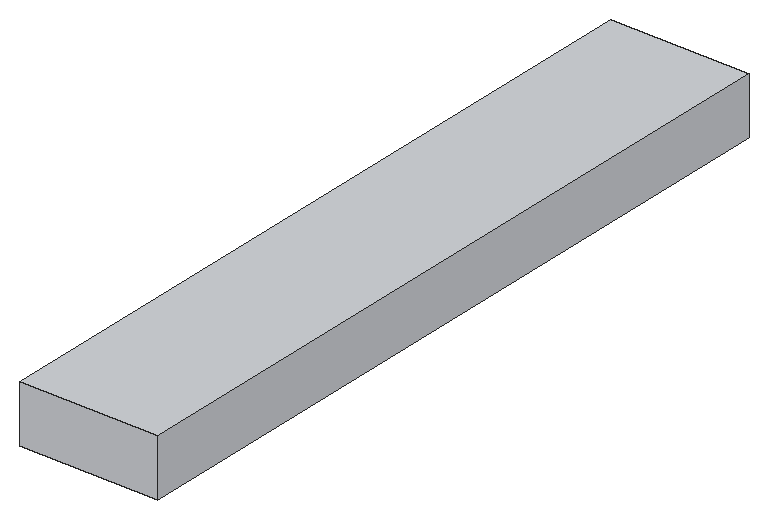
Revit family "AP - Cugino2", category Generic Models, Revit 2017
Family settings
  Can host rebar = No
  Round Connector Dimension = Use Diameter
  Part Type = Normal
  Work Plane-Based = No
  Always vertical = Yes
  Cut with Voids When Loaded = No
  Shared = No
  Room Calculation Point = No
Parameters
  Spessore_C_2 [instance] = 542.668 mm
  Larghezza_C2 [instance] = 1298.278 mm
Reference planes
  plane 1 "Center (Front/Back)": y = 0
  plane 2: z = 0
  plane 3 "Center (Left/Right)": x = 0
  plane 4: y = 7000
  plane 5: x = -1298.278
  plane 6: z = 542.668
Forms (mm)
  Extrusion 1, solid
    sketch origin (0, 0, 0) x (1, 0, 0) y (0, 1, 0)
      loop
        line (-1298.278, 7000) -> (-1298.278, 0) -> (0, 0) -> (0, 7000) -> (-1298.278, 7000)
    from 0 to 542.668
Dimensions and locks
  "Larghezza_C2": plane 5 to plane 3 "Center (Left/Right)"
  plane 4 to plane 1 "Center (Front/Back)" = 7000 mm
  "Spessore_C_2": plane 6 to plane 2
  aligned and locked: level to plane 2
  aligned and locked: plane 3 "Center (Left/Right)" to Extrusion 1
  aligned and locked: Extrusion 1 to plane 5
  aligned and locked: plane 4 to Extrusion 1
  aligned and locked: plane 1 "Center (Front/Back)" to Extrusion 1
  aligned and locked: plane 6 to Extrusion 1
Automatic sketch dimensions
  plane 1 "Center (Front/Back)" to Extrusion 1 sketch curve = 0 mm
  Extrusion 1 sketch curve to plane 5 = 0 mm
  Extrusion 1 sketch curve to plane 3 "Center (Left/Right)" = 0 mm
  Extrusion 1 sketch curve to plane 4 = 0 mm
